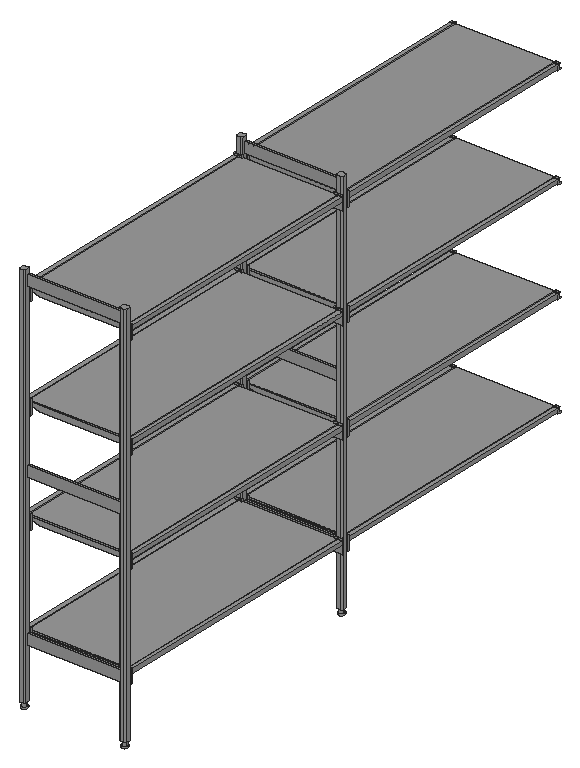
Revit family "QF_ZANUSSI_137086_CLS2372", category Attrezzature speciali, Revit 2020
Family settings
  Quota connettore circolare = Usa diametro
  Tipo di parte = Normale
  Basato su piano di lavoro = No
  Sempre verticale = Sì
  Taglio con vuoti quando caricato = No
  Condiviso = No
  Punto di calcolo locali = No
Parameters (values of type "Standard")
  Weight = 41.00 kg
  Watts = 0 W
  Volts = 0 V
  URL Manufacturer = "http://www.zanussiprofessional.com"
  URL = "http://www.zanussiprofessional.com"
  Steam Supply Size = 0 mm
  Steam Supply Minimum Pressure = 0.0 Pa
  Steam Supply Maximum Pressure = 0.0 Pa
  Steam Consumption per Hour = 0
  Refrigeration Suction Line Size = 0.0 mm
  Refrigeration Liquid Line Size = 0.0 mm
  Refrigerant Compressor Remote = yes
  Prospetto di default = 0.0 mm
  Phase = 0
  Modello = "CLS2372"
  Produttore = "Zanussi"
  Length Actual = 2376.0 mm  # constant formula
  Item Number = "137086"
  Hot Water Size = 0 mm
  Height Actual = 1700.0 mm  # constant formula
  HP = "0 HP"
  Gas Size = 0 mm
  Gas KW = 0
  Gas Input Pressure = 0 W
  Direct Waste Size = 0 mm
  Descrizione = "ALUM.CORNER SHELV.-POLY.TIERS-475X2376MM"
  Depth Actual = 475.0 mm  # constant formula
  Cycle = 0 Hz
  Condensate Return Size = 0 mm
  Compressed Air Volume = 0.0 L/s
  Compressed Air Size = 0 mm
  Compressed Air Pressure = 0.0 Pa
  Cold Water Size = 0 mm
  Accessory = yes
Reference planes
  plane 1: z = 0
  plane 2 "CenterLeft": y = -535.5
  plane 3 "FRONT": y = -921.5
  plane 4 "LEFT": x = 192.5
  plane 5 "RIGHT": x = 667.5
  plane 6 "TOP": z = 1700
  plane 7: y = -889.5
  plane 8: y = 262.5
  plane 9 "Center (Left/Back)": x = 430
  plane 10: x = 256
  plane 11: x = 668
  plane 12 "FEET": z = 25
  plane 13: z = 275
  plane 14: z = 725
  plane 15: z = 1175
  plane 16: z = 1625
  plane 17 "CXLeft": y = -907.5
  plane 18 "Center (Front/Back)": y = 280.5
  plane 19 "CYFront": x = 510
  plane 20: y = 1450.5
  plane 21: y = 298.5
  plane 22 "BACK": y = 1454.5
  plane 23 "LEFT_ORIGIN": x = 158.5
  plane 24 "BACK_ORIGIN": y = 1929.5
Forms (mm)
  Extrusion 1, solid, material "QF_Aluminum"
    sketch origin (38.022, -921.5, -4.006) x (-1, 0, 0) y (0, 0, 1)
      loop
        line (-189.5, 1637.003) -> (-173.5, 1637.003) -> (-173.5, 1655) -> (-175.493, 1655) -> (-175.493, 1648.501) -> (-608.5, 1648.501) -> (-608.5, 1655) -> (-610.5, 1655) -> (-610.5, 1637.003) -> (-594.5, 1637.003) -> (-560.5, 1625) -> (-223.5, 1625) -> (-189.5, 1637.003)
      loop
        line (-189.5, 1187.003) -> (-173.5, 1187.003) -> (-173.5, 1205) -> (-175.493, 1205) -> (-175.493, 1198.501) -> (-608.5, 1198.501) -> (-608.5, 1205) -> (-610.5, 1205) -> (-610.5, 1187.003) -> (-594.5, 1187.003) -> (-560.5, 1175) -> (-223.5, 1175) -> (-189.5, 1187.003)
      loop
        line (-189.5, 737.003) -> (-173.5, 737.003) -> (-173.5, 755) -> (-175.493, 755) -> (-175.493, 748.501) -> (-608.5, 748.501) -> (-608.5, 755) -> (-610.5, 755) -> (-610.5, 737.003) -> (-594.5, 737.003) -> (-560.5, 725) -> (-223.5, 725) -> (-189.5, 737.003)
      loop
        line (-189.5, 287.003) -> (-173.5, 287.003) -> (-173.5, 305) -> (-175.493, 305) -> (-175.493, 298.501) -> (-608.5, 298.501) -> (-608.5, 305) -> (-610.5, 305) -> (-610.5, 287.003) -> (-594.5, 287.003) -> (-560.5, 275) -> (-223.5, 275) -> (-189.5, 287.003)
    from 37 to 32
  Extrusion 2, solid, material "QF_Aluminum"
    sketch origin (38.022, -921.5, 0) x (-1, 0, 0) y (0, 0, 1)
      loop
        line (-154.478, 246.005) -> (-154.478, 307.993) -> (-190.471, 307.993) -> (-190.471, 246.005) -> (-154.478, 246.005)
      loop
        line (-593.484, 246.005) -> (-593.484, 307.993) -> (-629.478, 307.993) -> (-629.478, 246.005) -> (-593.484, 246.005)
      loop
        line (-154.478, 696.005) -> (-154.478, 757.993) -> (-190.471, 757.993) -> (-190.471, 696.005) -> (-154.478, 696.005)
      loop
        line (-593.484, 696.005) -> (-593.484, 757.993) -> (-629.478, 757.993) -> (-629.478, 696.005) -> (-593.484, 696.005)
      loop
        line (-154.478, 1146.005) -> (-154.478, 1207.993) -> (-190.471, 1207.993) -> (-190.471, 1146.005) -> (-154.478, 1146.005)
      loop
        line (-593.484, 1146.005) -> (-593.484, 1207.993) -> (-629.478, 1207.993) -> (-629.478, 1146.005) -> (-593.484, 1146.005)
      loop
        line (-154.478, 1596.005) -> (-154.478, 1657.993) -> (-190.471, 1657.993) -> (-190.471, 1596.005) -> (-154.478, 1596.005)
      loop
        line (-593.484, 1596.005) -> (-593.484, 1657.993) -> (-629.478, 1657.993) -> (-629.478, 1596.005) -> (-593.484, 1596.005)
    from 28 to 32
  Extrusion 3, solid, material "QF_Aluminum"
    sketch origin (38.022, -921.5, 0) x (-1, 0, 0) y (0, 0, 1)
      loop
        line (-154.5, 1650.994) -> (-173.5, 1650.994) -> (-173.5, 1632.998) -> (-154.5, 1632.998) -> (-154.5, 1650.994)
      loop
        line (-154.5, 1200.994) -> (-173.5, 1200.994) -> (-173.5, 1182.998) -> (-154.5, 1182.998) -> (-154.5, 1200.994)
      loop
        line (-154.5, 750.994) -> (-173.5, 750.994) -> (-173.5, 732.998) -> (-154.5, 732.998) -> (-154.5, 750.994)
      loop
        line (-154.5, 300.994) -> (-173.5, 300.994) -> (-173.5, 282.998) -> (-154.5, 282.998) -> (-154.5, 300.994)
      loop
        line (-629.455, 1650.994) -> (-629.455, 1632.998) -> (-610.455, 1632.998) -> (-610.455, 1650.994) -> (-629.455, 1650.994)
      loop
        line (-629.455, 1200.994) -> (-629.455, 1182.998) -> (-610.455, 1182.998) -> (-610.455, 1200.994) -> (-629.455, 1200.994)
      loop
        line (-629.455, 750.994) -> (-629.455, 732.998) -> (-610.455, 732.998) -> (-610.455, 750.994) -> (-629.455, 750.994)
      loop
        line (-629.455, 300.994) -> (-629.455, 282.998) -> (-610.455, 282.998) -> (-610.455, 300.994) -> (-629.455, 300.994)
    from 32 to 1184
  Extrusion 4, solid, material "QF_Polyethylene"
    sketch origin (38.022, -921.5, 0) x (-1, 0, 0) y (0, 0, 1)
      loop
        line (-175.493, 1650.994) -> (-608.5, 1650.994) -> (-608.5, 1644.496) -> (-175.493, 1644.496) -> (-175.493, 1650.994)
      loop
        line (-175.493, 1200.994) -> (-608.5, 1200.994) -> (-608.5, 1194.496) -> (-175.493, 1194.496) -> (-175.493, 1200.994)
      loop
        line (-175.493, 750.994) -> (-608.5, 750.994) -> (-608.5, 744.496) -> (-175.493, 744.496) -> (-175.493, 750.994)
      loop
        line (-175.493, 300.994) -> (-608.5, 300.994) -> (-608.5, 294.496) -> (-175.493, 294.496) -> (-175.493, 300.994)
    from 32 to 1184
  Extrusion 5, solid, material "QF_Aluminum"
    sketch origin (38.022, 684.5, 0) x (-1, 0, 0) y (0, 0, 1)
      loop
        line (-154.5, 1650.994) -> (-173.5, 1650.994) -> (-173.5, 1632.998) -> (-154.5, 1632.998) -> (-154.5, 1650.994)
      loop
        line (-610.455, 1650.994) -> (-629.455, 1650.994) -> (-629.455, 1632.998) -> (-610.455, 1632.998) -> (-610.455, 1650.994)
      loop
        line (-154.5, 1200.994) -> (-173.5, 1200.994) -> (-173.5, 1182.998) -> (-154.5, 1182.998) -> (-154.5, 1200.994)
      loop
        line (-610.455, 1200.994) -> (-629.455, 1200.994) -> (-629.455, 1182.998) -> (-610.455, 1182.998) -> (-610.455, 1200.994)
      loop
        line (-154.5, 750.994) -> (-173.5, 750.994) -> (-173.5, 732.998) -> (-154.5, 732.998) -> (-154.5, 750.994)
      loop
        line (-610.455, 750.994) -> (-629.455, 750.994) -> (-629.455, 732.998) -> (-610.455, 732.998) -> (-610.455, 750.994)
      loop
        line (-154.5, 300.994) -> (-173.5, 300.994) -> (-173.5, 282.998) -> (-154.5, 282.998) -> (-154.5, 300.994)
      loop
        line (-610.455, 300.994) -> (-629.455, 300.994) -> (-629.455, 282.998) -> (-610.455, 282.998) -> (-610.455, 300.994)
    from 766 to -386
  Extrusion 6, solid, material "QF_Polyethylene"
    sketch origin (38.022, 684.5, 0) x (-1, 0, 0) y (0, 0, 1)
      loop
        line (-175.493, 1650.994) -> (-608.5, 1650.994) -> (-608.5, 1644.496) -> (-175.493, 1644.496) -> (-175.493, 1650.994)
      loop
        line (-175.493, 1200.994) -> (-608.5, 1200.994) -> (-608.5, 1194.496) -> (-175.493, 1194.496) -> (-175.493, 1200.994)
      loop
        line (-175.493, 750.994) -> (-608.5, 750.994) -> (-608.5, 744.496) -> (-175.493, 744.496) -> (-175.493, 750.994)
      loop
        line (-175.493, 300.994) -> (-608.5, 300.994) -> (-608.5, 294.496) -> (-175.493, 294.496) -> (-175.493, 300.994)
    from 766 to -386
Lines and regions (mm)
  symbolic lines
    curve 1: line (256, -912.5, 1700) -> (668, -912.5, 1700)
    curve 2: line (668, -902.5, 1700) -> (256, -902.5, 1700)
    curve 3: line (192.5, -893.5, 1700) -> (192.5, 266.5, 1700)
    curve 4: line (667.5, -889.5, 1700) -> (667.5, 262.5, 1700)
    curve 5: line (192.5, 294.5, 1700) -> (192.5, 1454.5, 1700)
    curve 6: line (667.5, 294.5, 1700) -> (667.5, 1454.5, 1700)
    curve 7: line (648.478, 262.5, 1700) -> (648.478, -889.5, 1700)
    curve 8: line (211.522, -889.5, 1700) -> (211.522, 262.5, 1700)
    curve 9: line (211.522, 298.5, 1700) -> (211.522, 1450.5, 1700)
    curve 10: line (648.478, 1450.5, 1700) -> (648.478, 298.5, 1700)
Dimensions and locks
  plane 3 "FRONT" to plane 2 "CenterLeft" = 386.0 mm
  locked: plane 6 "TOP" to level at 1700
  locked: plane 7 to plane 8 at 1152
  locked: plane 10 to plane 11 at 412
  plane 10 to plane 9 "Center (Left/Back)" to plane 11 = 174.0 mm, 238.0 mm
  equal spacing: plane 4 "LEFT", plane 9 "Center (Left/Back)", plane 5 "RIGHT"
  plane 12 "FEET" to level = 25.0 mm
  plane 6 "TOP" to plane 12 "FEET" = 1675.0 mm
  plane 13 to plane 12 "FEET" = 250.0 mm
  plane 14 to plane 13 = 450.0 mm
  plane 15 to plane 14 = 450.0 mm
  plane 16 to plane 15 = 450.0 mm
  locked: plane 21 to plane 20 at 1152
  locked: plane 8 to plane 18 "Center (Front/Back)" at 18
  locked: plane 18 "Center (Front/Back)" to plane 21 at 18
  locked: plane 3 "FRONT" to plane 7 at 32
  locked: plane 4 "LEFT" to plane 5 "RIGHT" at 475
  locked: plane 23 "LEFT_ORIGIN" to plane 5 "RIGHT" at 509
  locked: plane 22 "BACK" to plane 24 "BACK_ORIGIN" at 475
  locked: plane 22 "BACK" to plane 3 "FRONT" at 2376
  aligned and locked: level to plane 1
  aligned and locked: Extrusion 1 to plane 7
  aligned and locked: plane 7 to Extrusion 2
  aligned and locked: Extrusion 4 to plane 7
  aligned and locked: plane 8 to Extrusion 4
  aligned and locked: Extrusion 3 to plane 7
  aligned and locked: plane 8 to Extrusion 3
  aligned and locked: Extrusion 1 sketch curve to Extrusion 1 sketch curve  (x3)
  aligned and locked: Extrusion 5 sketch curve to Extrusion 5 sketch curve  (x2)
  aligned and locked: Extrusion 5 to plane 21  (x5)
  aligned and locked: Extrusion 6 to plane 21  (x5)
  aligned and locked: nested 2 to plane 18 "Center (Front/Back)"
  aligned and locked: plane 17 "CXLeft" to nested 1
  aligned and locked: plane 7 to Extrusion 3  (x3)
  aligned and locked: Extrusion 3 to plane 8  (x4)
  aligned and locked: Extrusion 4 to plane 8  (x4)
  aligned and locked: plane 20 to Extrusion 5
  aligned and locked: plane 20 to Extrusion 6
  aligned and locked: Extrusion 5 to plane 20  (x3)
  aligned and locked: Extrusion 6 to plane 20  (x3)
  aligned and locked: plane 9 "Center (Left/Back)" to nested 2
  aligned and locked: nested 3 to plane 22 "BACK"
Automatic sketch dimensions
  Extrusion 1 sketch curve to plane 19 "CYFront" = 138.522 mm  (x4)
  plane 11 to Extrusion 1 sketch curve = 35.478 mm  (x4)
  Extrusion 1 sketch curve to plane 13 = 4.006 mm
  Extrusion 1 sketch curve to Extrusion 1 sketch curve = 34.0 mm  (x4)
  Extrusion 1 sketch curve to plane 14 = 4.006 mm
  Extrusion 1 sketch curve to plane 15 = 4.006 mm
  Extrusion 1 sketch curve to plane 16 = 4.006 mm
  Extrusion 1 sketch curve to plane 10 = 5.522 mm  (x4)
  plane 10 to Extrusion 1 sketch curve = 28.478 mm  (x4)
  plane 13 to Extrusion 1 sketch curve = 7.998 mm  (x2)
  Extrusion 1 sketch curve to Extrusion 1 sketch curve = 11.498 mm  (x4)
  Extrusion 1 sketch curve to Extrusion 1 sketch curve = 6.499 mm  (x8)
  plane 14 to Extrusion 1 sketch curve = 7.998 mm  (x2)
  plane 15 to Extrusion 1 sketch curve = 7.998 mm  (x2)
  plane 16 to Extrusion 1 sketch curve = 7.998 mm  (x2)
  plane 5 "RIGHT" to Extrusion 2 sketch curve = 35.993 mm  (x4)
  Extrusion 2 sketch curve to plane 4 "LEFT" = 0.0 mm  (x4)
  plane 11 to Extrusion 2 sketch curve = 0.5 mm  (x4)
  plane 10 to Extrusion 2 sketch curve = 27.507 mm  (x4)
  Extrusion 2 sketch curve to plane 13 = 28.995 mm  (x2)
  plane 13 to Extrusion 2 sketch curve = 32.993 mm  (x2)
  Extrusion 2 sketch curve to plane 14 = 28.995 mm  (x2)
  plane 14 to Extrusion 2 sketch curve = 32.993 mm  (x2)
  Extrusion 2 sketch curve to plane 15 = 28.995 mm  (x2)
  plane 15 to Extrusion 2 sketch curve = 32.993 mm  (x2)
  Extrusion 2 sketch curve to plane 16 = 28.995 mm  (x2)
  plane 16 to Extrusion 2 sketch curve = 32.993 mm  (x2)
  plane 13 to Extrusion 4 sketch curve = 19.496 mm
  Extrusion 4 sketch curve to Extrusion 4 sketch curve = 6.499 mm  (x4)
  plane 14 to Extrusion 4 sketch curve = 19.496 mm
  plane 15 to Extrusion 4 sketch curve = 19.496 mm
  plane 16 to Extrusion 4 sketch curve = 19.496 mm
  plane 5 "RIGHT" to Extrusion 5 sketch curve = 0.022 mm  (x4)
  Extrusion 5 sketch curve to plane 4 "LEFT" = 19.022 mm  (x4)
  Extrusion 5 sketch curve to plane 19 "CYFront" = 138.478 mm  (x2)
  plane 13 to Extrusion 5 sketch curve = 7.998 mm  (x2)
  Extrusion 5 sketch curve to Extrusion 5 sketch curve = 17.997 mm  (x8)
  plane 14 to Extrusion 5 sketch curve = 7.998 mm  (x2)
  plane 15 to Extrusion 5 sketch curve = 7.998 mm  (x2)
  plane 16 to Extrusion 5 sketch curve = 7.998 mm  (x2)
  Extrusion 6 sketch curve to plane 19 "CYFront" = 136.522 mm  (x4)
  plane 13 to Extrusion 6 sketch curve = 19.496 mm
  Extrusion 6 sketch curve to Extrusion 6 sketch curve = 6.499 mm  (x4)
  plane 14 to Extrusion 6 sketch curve = 19.496 mm
  plane 15 to Extrusion 6 sketch curve = 19.496 mm
  plane 16 to Extrusion 6 sketch curve = 19.496 mm
  plane 5 "RIGHT" to Extrusion 3 sketch curve = 0.022 mm  (x4)
  Extrusion 3 sketch curve to Extrusion 3 sketch curve = 19.0 mm  (x4)
  plane 14 to Extrusion 3 sketch curve = 7.998 mm  (x2)
  plane 10 to Extrusion 3 sketch curve = 44.478 mm  (x4)
  Extrusion 3 sketch curve to plane 4 "LEFT" = 0.022 mm  (x4)
  plane 13 to Extrusion 3 sketch curve = 25.994 mm  (x2)
  plane 13 to Extrusion 3 sketch curve = 7.998 mm  (x2)
  Extrusion 3 sketch curve to Extrusion 3 sketch curve = 17.997 mm  (x6)
  plane 15 to Extrusion 3 sketch curve = 7.998 mm  (x2)
  plane 16 to Extrusion 3 sketch curve = 7.998 mm  (x2)
  plane 10 to Extrusion 1 sketch curve = 42.484 mm  (x4)
  plane 10 to Extrusion 1 sketch curve = 44.478 mm  (x2)
  Extrusion 1 sketch curve to Extrusion 1 sketch curve = 1.993 mm  (x2)
  plane 10 to Extrusion 4 sketch curve = 42.484 mm  (x4)
  Extrusion 5 sketch curve to plane 4 "LEFT" = 0.022 mm  (x4)
  plane 10 to Extrusion 6 sketch curve = 42.484 mm  (x4)
  Extrusion 1 sketch curve to Extrusion 1 sketch curve = 2.0 mm
  plane 5 "RIGHT" to Extrusion 4 sketch curve = 20.978 mm  (x4)
  curve 1 to plane 11 = 0.0 mm
  curve 1 to plane 10 = 0.0 mm
  curve 2 to plane 10 = 0.0 mm
  curve 2 to plane 11 = 0.0 mm
  curve 3 to plane 4 "LEFT" = 0.0 mm
  curve 4 to plane 5 "RIGHT" = 0.0 mm
  plane 7 to curve 4 = 0.0 mm
  plane 7 to curve 8 = 0.0 mm
  plane 8 to curve 8 = 0.0 mm
  plane 8 to curve 7 = 0.0 mm
  plane 8 to curve 4 = 0.0 mm
  curve 5 to plane 4 "LEFT" = 0.0 mm
  curve 6 to plane 5 "RIGHT" = 0.0 mm
  plane 20 to curve 9 = 0.0 mm
  plane 22 "BACK" to curve 5 = 0.0 mm
  plane 22 "BACK" to curve 6 = 0.0 mm
  plane 7 to curve 3 = 4.0 mm
  plane 17 "CXLeft" to curve 2 = 5.0 mm
  curve 1 to plane 17 "CXLeft" = 5.0 mm
  curve 3 to plane 8 = 4.0 mm
  curve 6 to plane 21 = 4.0 mm
  curve 9 to plane 4 "LEFT" = 19.022 mm
  curve 8 to plane 4 "LEFT" = 19.022 mm
  curve 9 to plane 21 = 0.0 mm
  plane 21 to curve 10 = 0.0 mm
  curve 5 to plane 21 = 4.0 mm
  plane 7 to curve 7 = 0.0 mm
  curve 4 to curve 7 = 19.022 mm
  plane 20 to curve 10 = 0.0 mm
  plane 5 "RIGHT" to curve 10 = 19.022 mm
Nested families
  nested 1: "WT_Anta475" at (215.5, -504.5, 0) x (0, 1, 0) z (0, 0, 1), type "WT_Anta475"
  nested 2: "WT_Anta475Center" at (215.5, 683.5, 0) x (0, 1, 0) z (0, 0, 1), type "WT_Anta475Center"
  nested 3: "WT_Aggancio475" at (215.5, 1862.5, 0) x (0, 1, 0) z (0, 0, 1), type "WT_Aggancio475"
Definition of nested family "WT_Anta475"
  Parameters
    WidthLeft = A + 64.0 mm  # 772.0 mm
    Width = 1606.0 mm
    Right = WidthLeft / 2  # 386.0 mm
    Default Elevation = 0.0 mm
    Left = -WidthLeft / 2  # -386.0 mm
    Height = 1725.0 mm
    FEET = 25.0 mm
    E = 0.0 mm
    Dint = Depth - 63.0 mm  # 412.0 mm
    Dext = Depth - 8.0 mm  # 467.0 mm
    Depth = 475.0 mm
    DX = (WidthLeft - A) / 2  # 32.0 mm
    B = 798.0 mm
    A = 708.0 mm
  Reference planes
    plane 1: z = 0
    plane 2 "LEFT": x = -417
    plane 3 "BACK": y = 23
    plane 4 "FRONT": y = -452
    plane 5 "TOP": z = 1725
    plane 6 "Center (Front/Back)": y = -214.5
    plane 7: y = -8.5
    plane 8: y = -420.5
    plane 9 "FEET": z = 25
    plane 10: z = 275
    plane 11: z = 725
    plane 12: z = 1175
    plane 13: z = 1625
    plane 14 "CXLeft": x = -403
    plane 15: y = 5.5
    plane 16 "CYBack": y = 5.5
    plane 17 "CYFront": y = -434.5
    plane 18: x = -385.031
    plane 19: x = -380.031
  Forms (mm)
    Extrusion 1, solid
      sketch origin (0, 0, 0) x (1, 0, 0) y (0, 1, 0)
        loop
          line (-417, 13.246) -> (-417, -2.246) -> (-410.746, -8.5) -> (-395.254, -8.5) -> (-389, -2.246) -> (-389, 13.246) -> (-395.254, 19.5) -> (-410.746, 19.5) -> (-417, 13.246)
      from 1725 to 25
    Extrusion 2, solid
      sketch origin (-417, 0, 0) x (0, 1, 0) y (0, 0, 1)
        loop
          line (23, 246.005) -> (23, 307.993) -> (-12.993, 307.993) -> (-12.993, 246.005) -> (23, 246.005)
        loop
          line (-452, 246.005) -> (-416.007, 246.005) -> (-416.007, 307.993) -> (-452, 307.993) -> (-452, 246.005)
        loop
          line (23, 696.005) -> (23, 757.993) -> (-12.993, 757.993) -> (-12.993, 696.005) -> (23, 696.005)
        loop
          line (-452, 696.005) -> (-416.007, 696.005) -> (-416.007, 757.993) -> (-452, 757.993) -> (-452, 696.005)
        loop
          line (23, 1146.005) -> (23, 1207.993) -> (-12.993, 1207.993) -> (-12.993, 1146.005) -> (23, 1146.005)
        loop
          line (-452, 1146.005) -> (-416.007, 1146.005) -> (-416.007, 1207.993) -> (-452, 1207.993) -> (-452, 1146.005)
        loop
          line (23, 1596.005) -> (23, 1657.993) -> (-12.993, 1657.993) -> (-12.993, 1596.005) -> (23, 1596.005)
        loop
          line (-452, 1596.005) -> (-416.007, 1596.005) -> (-416.007, 1657.993) -> (-452, 1657.993) -> (-452, 1596.005)
      from 28 to 32
    Revolve 3, solid
      sketch origin (-403, 0, 0) x (0, 1, 0) y (0, 0, 1)
        loop
          line (5.5, 25) -> (5.5, 0) -> (19, 0) -> (19, 5) -> (14, 5) -> (14, 25) -> (5.5, 25)
        axis (5.5, 25) -> (5.5, 0)
      angle from 0 to 360
    Extrusion 4, solid
      sketch origin (-403, 0, 0) x (0, 1, 0) y (0, 0, 1)
        loop
          line (-8.5, 912.382) -> (-8.5, 957.374) -> (-420.5, 957.374) -> (-420.5, 912.382) -> (-8.5, 912.382)
        loop
          line (-8.5, 1662.244) -> (-8.5, 1707.236) -> (-420.5, 1707.236) -> (-420.5, 1662.244) -> (-8.5, 1662.244)
      from -5 to 5
    Revolve 5, solid
      sketch origin (-403, -627, 0) x (0, -1, 0) y (0, 0, 1)
        loop
          line (-192.5, 25) -> (-192.5, 0) -> (-179, 0) -> (-179, 5) -> (-184, 5) -> (-184, 25) -> (-192.5, 25)
        axis (-192.5, 25) -> (-192.5, 0)
      angle from 0 to 360
    Extrusion 6, solid
      sketch origin (0, -627, 0) x (1, 0, 0) y (0, 1, 0)
        loop
          line (-417, 184.754) -> (-410.746, 178.5) -> (-395.254, 178.5) -> (-389, 184.754) -> (-389, 200.246) -> (-395.254, 206.5) -> (-410.746, 206.5) -> (-417, 200.246) -> (-417, 184.754)
      from 1725 to 25
    Extrusion 7, solid
      sketch origin (-417.031, -0.022, 0) x (0, 1, 0) y (0, 0, -1)
        loop
          line (-12, -1632.998) -> (-46, -1620.994) -> (-383, -1620.994) -> (-417, -1632.998) -> (-433, -1632.998) -> (-433, -1650.994) -> (-431, -1650.994) -> (-431, -1644.496) -> (2.007, -1644.496) -> (2.007, -1650.994) -> (4, -1650.994) -> (4, -1632.998) -> (-12, -1632.998)
        loop
          line (-12, -1182.998) -> (-46, -1170.994) -> (-383, -1170.994) -> (-417, -1182.998) -> (-433, -1182.998) -> (-433, -1200.994) -> (-431, -1200.994) -> (-431, -1194.496) -> (2.007, -1194.496) -> (2.007, -1200.994) -> (4, -1200.994) -> (4, -1182.998) -> (-12, -1182.998)
        loop
          line (-12, -732.998) -> (-46, -720.994) -> (-383, -720.994) -> (-417, -732.998) -> (-433, -732.998) -> (-433, -750.994) -> (-431, -750.994) -> (-431, -744.496) -> (2.007, -744.496) -> (2.007, -750.994) -> (4, -750.994) -> (4, -732.998) -> (-12, -732.998)
        loop
          line (-12, -282.998) -> (-46, -270.994) -> (-383, -270.994) -> (-417, -282.998) -> (-433, -282.998) -> (-433, -300.994) -> (-431, -300.994) -> (-431, -294.496) -> (2.007, -294.496) -> (2.007, -300.994) -> (4, -300.994) -> (4, -282.998) -> (-12, -282.998)
      from -32 to -37
    Extrusion 8, solid
      sketch origin (-403, 0, -659.878) x (0, 1, 0) y (0, 0, 1)
        loop
          line (-8.5, 912.382) -> (-8.5, 957.374) -> (-420.5, 957.374) -> (-420.5, 912.382) -> (-8.5, 912.382)
        loop
          line (-8.5, 1572.382) -> (-8.5, 1617.374) -> (-420.5, 1617.374) -> (-420.5, 1572.382) -> (-8.5, 1572.382)
        loop
          line (-8.5, 2322.382) -> (-8.5, 2367.374) -> (-420.5, 2367.374) -> (-420.5, 2322.382) -> (-8.5, 2322.382)
      from -5 to 5
  Lines and regions (mm)
    symbolic lines
      curve 1: line (-408, -8.5, 1725) -> (-408, -420.5, 1725)
      curve 2: line (-398, -420.5, 1725) -> (-398, -8.5, 1725)
      curve 3: line (-395.254, -8.5, 1725) -> (-410.746, -8.5, 1725)
      curve 4: line (-417, -2.246, 1725) -> (-410.746, -8.5, 1725)
      curve 5: line (-417, 13.246, 1725) -> (-417, -2.246, 1725)
      curve 6: line (-410.746, 19.5, 1725) -> (-417, 13.246, 1725)
      curve 7: line (-395.254, 19.5, 1725) -> (-410.746, 19.5, 1725)
      curve 8: line (-389, 13.246, 1725) -> (-395.254, 19.5, 1725)
      curve 9: line (-395.254, -8.5, 1725) -> (-389, -2.246, 1725)
      curve 10: line (-395.254, -420.5, 1725) -> (-410.746, -420.5, 1725)
      curve 11: line (-417, -426.754, 1725) -> (-410.746, -420.5, 1725)
      curve 12: line (-410.746, -448.5, 1725) -> (-417, -442.246, 1725)
      curve 13: line (-395.254, -448.5, 1725) -> (-410.746, -448.5, 1725)
      curve 14: line (-389, -442.246, 1725) -> (-395.254, -448.5, 1725)
      curve 15: line (-395.254, -420.5, 1725) -> (-389, -426.754, 1725)
      curve 16: line (-389, -452, 1725) -> (-389, -416.007, 1725)
      curve 17: line (-389, -416.007, 1725) -> (-385, -416.007, 1725)
      curve 18: line (-389, 23, 1725) -> (-389, -12.993, 1725)
      curve 19: line (-389, -12.993, 1725) -> (-385, -12.993, 1725)
      curve 20: line (-417, -426.754, 1725) -> (-417, -442.246, 1725)
      curve 21: line (-385, -452, 1725) -> (-385, -416.007, 1725)
      curve 22: line (-385, -452, 1725) -> (-389, -452, 1725)
      curve 23: line (-385, 23, 1725) -> (-389, 23, 1725)
      curve 24: line (-385, -12.993, 1725) -> (-385, 23, 1725)
      curve 25: line (-385.031, -13.016, 1725) -> (-385.031, -416.029, 1725)
  Dimensions and locks
    "Height": plane 5 "TOP" to level
    "Depth": plane 3 "BACK" to plane 4 "FRONT"
    "Dint": plane 7 to plane 8
    equal spacing: plane 7, plane 6 "Center (Front/Back)", plane 8
    equal spacing: plane 3 "BACK", plane 6 "Center (Front/Back)", plane 4 "FRONT"
    plane 9 "FEET" to level = 25.0 mm
    plane 5 "TOP" to plane 9 "FEET" = 1700.0 mm
    plane 10 to plane 9 "FEET" = 250.0 mm
    plane 11 to plane 10 = 450.0 mm
    plane 12 to plane 11 = 450.0 mm
    plane 13 to plane 12 = 450.0 mm
    locked: plane 2 "LEFT" to plane 14 "CXLeft" at 14
    locked: plane 3 "BACK" to plane 16 "CYBack" at 17.5
    locked: plane 17 "CYFront" to plane 4 "FRONT" at 17.5
    locked: Revolve 3 sketch curve to Revolve 3 sketch curve at 8.5
    locked: Revolve 3 sketch curve to plane 16 "CYBack" at 13.5
    locked: Revolve 5 sketch curve to Revolve 5 sketch curve at 8.5
    aligned and locked: level to plane 1
    aligned and locked: curve 20 to Extrusion 6
    aligned and locked: plane 5 "TOP" to Extrusion 1
    aligned and locked: plane 5 "TOP" to Extrusion 6
    aligned and locked: Extrusion 7 sketch curve to Extrusion 7 sketch curve  (x3)
  Automatic sketch dimensions
    curve 16 to plane 4 "FRONT" = 0.0 mm
    curve 11 to plane 8 = 0.0 mm
    curve 9 to plane 7 = 0.0 mm
    curve 5 to plane 2 "LEFT" = 0.0 mm
    curve 23 to plane 3 "BACK" = 0.0 mm
    plane 4 "FRONT" to curve 13 = 3.5 mm
    curve 20 to plane 17 "CYFront" = 7.746 mm
    curve 20 to plane 8 = 6.254 mm
    plane 8 to curve 16 = 4.493 mm
    curve 24 to plane 18 = 0.031 mm
    curve 24 to plane 7 = 4.493 mm
    plane 7 to curve 5 = 6.254 mm
    curve 5 to plane 15 = 7.746 mm
    curve 6 to plane 3 "BACK" = 3.5 mm
    curve 21 to plane 18 = 0.031 mm
    plane 18 to curve 23 = 3.969 mm
    plane 18 to curve 16 = 3.969 mm
    curve 18 to curve 8 = 6.254 mm
    curve 18 to curve 3 = 6.254 mm
    curve 16 to curve 13 = 6.254 mm
    curve 16 to curve 15 = 6.254 mm
    plane 2 "LEFT" to curve 10 = 6.254 mm
    plane 2 "LEFT" to curve 7 = 6.254 mm
    plane 2 "LEFT" to curve 12 = 6.254 mm
    plane 2 "LEFT" to curve 3 = 6.254 mm
    curve 14 to plane 17 "CYFront" = 7.746 mm
    curve 15 to plane 8 = 6.254 mm
    plane 7 to curve 9 = 6.254 mm
    curve 8 to plane 15 = 7.746 mm
    curve 3 to curve 2 = 2.746 mm
    curve 1 to curve 10 = 2.746 mm
    Extrusion 1 sketch curve to plane 2 "LEFT" = 0.0 mm
    Extrusion 1 sketch curve to plane 7 = 0.0 mm
    plane 2 "LEFT" to Extrusion 1 sketch curve = 6.254 mm  (x2)
    plane 14 "CXLeft" to Extrusion 1 sketch curve = 7.746 mm  (x2)
    Extrusion 1 sketch curve to plane 3 "BACK" = 3.5 mm
    plane 18 to Extrusion 1 sketch curve = 3.969 mm
    plane 7 to Extrusion 1 sketch curve = 6.254 mm  (x2)
    Extrusion 1 sketch curve to plane 15 = 7.746 mm  (x2)
    Extrusion 2 sketch curve to plane 4 "FRONT" = 0.0 mm  (x4)
    Extrusion 2 sketch curve to plane 3 "BACK" = 0.0 mm  (x4)
    plane 8 to Extrusion 2 sketch curve = 4.493 mm  (x4)
    Extrusion 2 sketch curve to plane 7 = 4.493 mm  (x4)
    Extrusion 2 sketch curve to plane 10 = 28.995 mm  (x2)
    plane 10 to Extrusion 2 sketch curve = 32.993 mm  (x2)
    Extrusion 2 sketch curve to plane 11 = 28.995 mm  (x2)
    plane 11 to Extrusion 2 sketch curve = 32.993 mm  (x2)
    Extrusion 2 sketch curve to plane 12 = 28.995 mm  (x2)
    plane 12 to Extrusion 2 sketch curve = 32.993 mm  (x2)
    Extrusion 2 sketch curve to plane 13 = 28.995 mm  (x2)
    plane 13 to Extrusion 2 sketch curve = 32.993 mm  (x2)
    Revolve 3 sketch curve to plane 9 "FEET" = 0.0 mm  (x2)
    Revolve 3 sketch curve to plane 15 = 0.0 mm  (x2)
    Revolve 3 sketch curve to level = 0.0 mm
    level to Revolve 3 sketch curve = 5.0 mm
    Revolve 3 sketch curve to Revolve 3 sketch curve = 11.655 mm
    Extrusion 4 sketch curve to plane 8 = 0.0 mm  (x2)
    Extrusion 4 sketch curve to plane 7 = 0.0 mm  (x2)
    plane 11 to Extrusion 4 sketch curve = 187.382 mm
    Extrusion 4 sketch curve to Extrusion 4 sketch curve = 44.992 mm
    plane 13 to Extrusion 4 sketch curve = 37.244 mm
    Extrusion 4 sketch curve to plane 5 "TOP" = 17.764 mm
    Revolve 5 sketch curve to plane 9 "FEET" = 0.0 mm  (x2)
    Revolve 5 sketch curve to plane 17 "CYFront" = 0.0 mm  (x2)
    Revolve 5 sketch curve to level = 0.0 mm
    Revolve 5 sketch curve to plane 4 "FRONT" = 4.0 mm
    Revolve 5 sketch curve to Revolve 5 sketch curve = 5.0 mm
    level to Revolve 5 sketch curve = 11.655 mm
    Extrusion 6 sketch curve to plane 2 "LEFT" = 0.0 mm
    Extrusion 6 sketch curve to plane 8 = 0.0 mm
    Extrusion 6 sketch curve to plane 2 "LEFT" = 6.254 mm  (x2)
    Extrusion 6 sketch curve to plane 14 "CXLeft" = 7.746 mm  (x2)
    Extrusion 6 sketch curve to plane 4 "FRONT" = 3.5 mm
    Extrusion 6 sketch curve to plane 18 = 3.969 mm
    plane 8 to Extrusion 6 sketch curve = 6.254 mm  (x2)
    plane 17 "CYFront" to Extrusion 6 sketch curve = 7.746 mm  (x2)
    plane 17 "CYFront" to Extrusion 7 sketch curve = 1.478 mm  (x4)
    Extrusion 7 sketch curve to Extrusion 7 sketch curve = 2.0 mm
    plane 8 to Extrusion 7 sketch curve = 3.478 mm  (x4)
    Extrusion 7 sketch curve to plane 10 = 4.006 mm
    Extrusion 7 sketch curve to Extrusion 7 sketch curve = 34.0 mm  (x4)
    Extrusion 7 sketch curve to plane 11 = 4.006 mm
    Extrusion 7 sketch curve to plane 12 = 4.006 mm
    Extrusion 7 sketch curve to plane 13 = 4.006 mm
    Extrusion 7 sketch curve to plane 7 = 37.522 mm  (x4)
    Extrusion 7 sketch curve to plane 7 = 3.522 mm  (x4)
    plane 15 to Extrusion 7 sketch curve = 3.516 mm  (x4)
    plane 15 to Extrusion 7 sketch curve = 1.522 mm  (x4)
    plane 13 to Extrusion 7 sketch curve = 7.998 mm  (x2)
    Extrusion 7 sketch curve to Extrusion 7 sketch curve = 11.498 mm
    Extrusion 7 sketch curve to Extrusion 7 sketch curve = 6.499 mm  (x5)
    plane 12 to Extrusion 7 sketch curve = 25.994 mm  (x2)
    plane 12 to Extrusion 7 sketch curve = 7.998 mm  (x2)
    plane 11 to Extrusion 7 sketch curve = 25.994 mm  (x2)
    plane 11 to Extrusion 7 sketch curve = 7.998 mm  (x2)
    plane 10 to Extrusion 7 sketch curve = 25.994 mm  (x2)
    plane 10 to Extrusion 7 sketch curve = 7.998 mm  (x2)
    curve 25 to plane 18 = 0.0 mm
    plane 8 to curve 25 = 4.471 mm
    curve 25 to plane 7 = 4.516 mm
    Extrusion 8 sketch curve to plane 8 = 0.0 mm  (x3)
    Extrusion 8 sketch curve to plane 7 = 0.0 mm  (x3)
    Extrusion 8 sketch curve to plane 10 = 22.496 mm
    plane 10 to Extrusion 8 sketch curve = 22.496 mm
    plane 11 to Extrusion 8 sketch curve = 187.504 mm
    Extrusion 8 sketch curve to Extrusion 8 sketch curve = 44.992 mm
    plane 13 to Extrusion 8 sketch curve = 37.504 mm
    Extrusion 8 sketch curve to plane 5 "TOP" = 17.504 mm
Definition of nested family "WT_Anta475Center"
  Parameters
    WidthLeft = A + 64.0 mm  # 772.0 mm
    Width = 1606.0 mm
    Right = WidthLeft / 2  # 386.0 mm
    Default Elevation = 0.0 mm
    Left = -WidthLeft / 2  # -386.0 mm
    Height = 1725.0 mm
    FEET = 25.0 mm
    E = 0.0 mm
    Dint = Depth - 63.0 mm  # 412.0 mm
    Dext = Depth - 8.0 mm  # 467.0 mm
    Depth = 475.0 mm
    DX = (WidthLeft - A) / 2  # 32.0 mm
    B = 798.0 mm
    A = 708.0 mm
  Reference planes
    plane 1: z = 0
    plane 2 "L": x = -417
    plane 3 "BACK": y = 23
    plane 4 "FRONT": y = -452
    plane 5 "TOP": z = 1725
    plane 6 "Center (Front/Back)": y = -214.5
    plane 7: y = -8.5
    plane 8: y = -420.5
    plane 9 "FEET": z = 25
    plane 10: z = 275
    plane 11: z = 725
    plane 12: z = 1175
    plane 13: z = 1625
    plane 14 "CXLeft": x = -403
    plane 15: y = 5.5
    plane 16 "CYBack": y = 5.5
    plane 17 "CYFront": y = -434.5
    plane 18: x = -385.031
    plane 19 "RIGHT": x = -380.031
    plane 20: x = -420.969
    plane 21 "LEFT": x = -425.969
  Forms (mm)
    Extrusion 1, solid
      sketch origin (0, 0, 0) x (1, 0, 0) y (0, 1, 0)
        loop
          line (-417, 13.246) -> (-417, -2.246) -> (-410.746, -8.5) -> (-395.254, -8.5) -> (-389, -2.246) -> (-389, 13.246) -> (-395.254, 19.5) -> (-410.746, 19.5) -> (-417, 13.246)
      from 1725 to 25
    Extrusion 2, solid
      sketch origin (-417, 0, 0) x (0, 1, 0) y (0, 0, 1)
        loop
          line (23, 246.005) -> (23, 307.993) -> (-12.993, 307.993) -> (-12.993, 246.005) -> (23, 246.005)
        loop
          line (-452, 246.005) -> (-416.007, 246.005) -> (-416.007, 307.993) -> (-452, 307.993) -> (-452, 246.005)
        loop
          line (23, 696.005) -> (23, 757.993) -> (-12.993, 757.993) -> (-12.993, 696.005) -> (23, 696.005)
        loop
          line (-452, 696.005) -> (-416.007, 696.005) -> (-416.007, 757.993) -> (-452, 757.993) -> (-452, 696.005)
        loop
          line (23, 1146.005) -> (23, 1207.993) -> (-12.993, 1207.993) -> (-12.993, 1146.005) -> (23, 1146.005)
        loop
          line (-452, 1146.005) -> (-416.007, 1146.005) -> (-416.007, 1207.993) -> (-452, 1207.993) -> (-452, 1146.005)
        loop
          line (23, 1596.005) -> (23, 1657.993) -> (-12.993, 1657.993) -> (-12.993, 1596.005) -> (23, 1596.005)
        loop
          line (-452, 1596.005) -> (-416.007, 1596.005) -> (-416.007, 1657.993) -> (-452, 1657.993) -> (-452, 1596.005)
      from 28 to 32
    Revolve 3, solid
      sketch origin (-403, 0, 0) x (0, 1, 0) y (0, 0, 1)
        loop
          line (5.5, 25) -> (5.5, 0) -> (19, 0) -> (19, 5) -> (14, 5) -> (14, 25) -> (5.5, 25)
        axis (5.5, 25) -> (5.5, 0)
      angle from 0 to 360
    Extrusion 4, solid
      sketch origin (-403, 0, 0) x (0, 1, 0) y (0, 0, 1)
        loop
          line (-8.5, 912.382) -> (-8.5, 957.374) -> (-420.5, 957.374) -> (-420.5, 912.382) -> (-8.5, 912.382)
        loop
          line (-8.5, 1662.244) -> (-8.5, 1707.236) -> (-420.5, 1707.236) -> (-420.5, 1662.244) -> (-8.5, 1662.244)
      from -5 to 5
    Revolve 5, solid
      sketch origin (-403, -627, 0) x (0, -1, 0) y (0, 0, 1)
        loop
          line (-192.5, 25) -> (-192.5, 0) -> (-179, 0) -> (-179, 5) -> (-184, 5) -> (-184, 25) -> (-192.5, 25)
        axis (-192.5, 25) -> (-192.5, 0)
      angle from 0 to 360
    Extrusion 6, solid
      sketch origin (0, -627, 0) x (1, 0, 0) y (0, 1, 0)
        loop
          line (-417, 184.754) -> (-410.746, 178.5) -> (-395.254, 178.5) -> (-389, 184.754) -> (-389, 200.246) -> (-395.254, 206.5) -> (-410.746, 206.5) -> (-417, 200.246) -> (-417, 184.754)
      from 1725 to 25
    Extrusion 7, solid
      sketch origin (-417.031, -0.022, 0) x (0, 1, 0) y (0, 0, -1)
        loop
          line (-12, -1632.998) -> (-46, -1620.994) -> (-383, -1620.994) -> (-417, -1632.998) -> (-433, -1632.998) -> (-433, -1650.994) -> (-431, -1650.994) -> (-431, -1644.496) -> (2.007, -1644.496) -> (2.007, -1650.994) -> (4, -1650.994) -> (4, -1632.998) -> (-12, -1632.998)
        loop
          line (-12, -1182.998) -> (-46, -1170.994) -> (-383, -1170.994) -> (-417, -1182.998) -> (-433, -1182.998) -> (-433, -1200.994) -> (-431, -1200.994) -> (-431, -1194.496) -> (2.007, -1194.496) -> (2.007, -1200.994) -> (4, -1200.994) -> (4, -1182.998) -> (-12, -1182.998)
        loop
          line (-12, -732.998) -> (-46, -720.994) -> (-383, -720.994) -> (-417, -732.998) -> (-433, -732.998) -> (-433, -750.994) -> (-431, -750.994) -> (-431, -744.496) -> (2.007, -744.496) -> (2.007, -750.994) -> (4, -750.994) -> (4, -732.998) -> (-12, -732.998)
        loop
          line (-12, -282.998) -> (-46, -270.994) -> (-383, -270.994) -> (-417, -282.998) -> (-433, -282.998) -> (-433, -300.994) -> (-431, -300.994) -> (-431, -294.496) -> (2.007, -294.496) -> (2.007, -300.994) -> (4, -300.994) -> (4, -282.998) -> (-12, -282.998)
      from -32 to -37
    Extrusion 8, solid
      sketch origin (-403, 0, -659.878) x (0, 1, 0) y (0, 0, 1)
        loop
          line (-8.5, 912.382) -> (-8.5, 957.374) -> (-420.5, 957.374) -> (-420.5, 912.382) -> (-8.5, 912.382)
        loop
          line (-8.5, 1572.382) -> (-8.5, 1617.374) -> (-420.5, 1617.374) -> (-420.5, 1572.382) -> (-8.5, 1572.382)
        loop
          line (-8.5, 2322.382) -> (-8.5, 2367.374) -> (-420.5, 2367.374) -> (-420.5, 2322.382) -> (-8.5, 2322.382)
      from -5 to 5
    Extrusion 9, solid
      sketch origin (-389, 0, 0) x (0, 1, 0) y (0, 0, -1)
        loop
          line (23, -246.005) -> (-12.993, -246.005) -> (-12.993, -307.993) -> (23, -307.993) -> (23, -246.005)
        loop
          line (-452, -246.005) -> (-452, -307.993) -> (-416.007, -307.993) -> (-416.007, -246.005) -> (-452, -246.005)
        loop
          line (23, -696.005) -> (-12.993, -696.005) -> (-12.993, -757.993) -> (23, -757.993) -> (23, -696.005)
        loop
          line (-452, -696.005) -> (-452, -757.993) -> (-416.007, -757.993) -> (-416.007, -696.005) -> (-452, -696.005)
        loop
          line (23, -1146.005) -> (-12.993, -1146.005) -> (-12.993, -1207.993) -> (23, -1207.993) -> (23, -1146.005)
        loop
          line (-452, -1146.005) -> (-452, -1207.993) -> (-416.007, -1207.993) -> (-416.007, -1146.005) -> (-452, -1146.005)
        loop
          line (23, -1596.005) -> (-12.993, -1596.005) -> (-12.993, -1657.993) -> (23, -1657.993) -> (23, -1596.005)
        loop
          line (-452, -1596.005) -> (-452, -1657.993) -> (-416.007, -1657.993) -> (-416.007, -1596.005) -> (-452, -1596.005)
      from 28 to 32
    Extrusion 10, solid
      sketch origin (-388.969, -0.022, 0) x (0, 1, 0) y (0, 0, 1)
        loop
          line (-12, 1632.998) -> (4, 1632.998) -> (4, 1650.994) -> (2.007, 1650.994) -> (2.007, 1644.496) -> (-431, 1644.496) -> (-431, 1650.994) -> (-433, 1650.994) -> (-433, 1632.998) -> (-417, 1632.998) -> (-383, 1620.994) -> (-46, 1620.994) -> (-12, 1632.998)
        loop
          line (-12, 1182.998) -> (4, 1182.998) -> (4, 1200.994) -> (2.007, 1200.994) -> (2.007, 1194.496) -> (-431, 1194.496) -> (-431, 1200.994) -> (-433, 1200.994) -> (-433, 1182.998) -> (-417, 1182.998) -> (-383, 1170.994) -> (-46, 1170.994) -> (-12, 1182.998)
        loop
          line (-12, 732.998) -> (4, 732.998) -> (4, 750.994) -> (2.007, 750.994) -> (2.007, 744.496) -> (-431, 744.496) -> (-431, 750.994) -> (-433, 750.994) -> (-433, 732.998) -> (-417, 732.998) -> (-383, 720.994) -> (-46, 720.994) -> (-12, 732.998)
        loop
          line (-12, 282.998) -> (4, 282.998) -> (4, 300.994) -> (2.007, 300.994) -> (2.007, 294.496) -> (-431, 294.496) -> (-431, 300.994) -> (-433, 300.994) -> (-433, 282.998) -> (-417, 282.998) -> (-383, 270.994) -> (-46, 270.994) -> (-12, 282.998)
      from -32 to -37
  Lines and regions (mm)
    symbolic lines
      curve 1: line (-408, -8.5, 1725) -> (-408, -420.5, 1725)
      curve 2: line (-398, -420.5, 1725) -> (-398, -8.5, 1725)
      curve 3: line (-395.254, -8.5, 1725) -> (-410.746, -8.5, 1725)
      curve 4: line (-417, -2.246, 1725) -> (-410.746, -8.5, 1725)
      curve 5: line (-410.746, 19.5, 1725) -> (-417, 13.246, 1725)
      curve 6: line (-395.254, 19.5, 1725) -> (-410.746, 19.5, 1725)
      curve 7: line (-389, 13.246, 1725) -> (-395.254, 19.5, 1725)
      curve 8: line (-395.254, -8.5, 1725) -> (-389, -2.246, 1725)
      curve 9: line (-395.254, -420.5, 1725) -> (-410.746, -420.5, 1725)
      curve 10: line (-417, -426.754, 1725) -> (-410.746, -420.5, 1725)
      curve 11: line (-410.746, -448.5, 1725) -> (-417, -442.246, 1725)
      curve 12: line (-395.254, -448.5, 1725) -> (-410.746, -448.5, 1725)
      curve 13: line (-389, -442.246, 1725) -> (-395.254, -448.5, 1725)
      curve 14: line (-395.254, -420.5, 1725) -> (-389, -426.754, 1725)
      curve 15: line (-389, -452, 1725) -> (-389, -416.007, 1725)
      curve 16: line (-389, -416.007, 1725) -> (-385, -416.007, 1725)
      curve 17: line (-389, 23, 1725) -> (-389, -12.993, 1725)
      curve 18: line (-389, -12.993, 1725) -> (-385, -12.993, 1725)
      curve 19: line (-385, -452, 1725) -> (-385, -416.007, 1725)
      curve 20: line (-385, -452, 1725) -> (-389, -452, 1725)
      curve 21: line (-385, 23, 1725) -> (-389, 23, 1725)
      curve 22: line (-385, -12.993, 1725) -> (-385, 23, 1725)
      curve 23: line (-385.031, -13.016, 1725) -> (-385.031, -416.029, 1725)
      curve 24: line (-417, -452, 1725) -> (-417, -416.007, 1725)
      curve 25: line (-417, -416.007, 1725) -> (-421, -416.007, 1725)
      curve 26: line (-417, 23, 1725) -> (-417, -12.993, 1725)
      curve 27: line (-417, -12.993, 1725) -> (-421, -12.993, 1725)
      curve 28: line (-421, -452, 1725) -> (-421, -416.007, 1725)
      curve 29: line (-421, -452, 1725) -> (-417, -452, 1725)
      curve 30: line (-421, 23, 1725) -> (-417, 23, 1725)
      curve 31: line (-421, -12.993, 1725) -> (-421, 23, 1725)
      curve 32: line (-420.969, -13.016, 1725) -> (-420.969, -416.029, 1725)
  Dimensions and locks
    "Height": plane 5 "TOP" to level
    "Depth": plane 3 "BACK" to plane 4 "FRONT"
    "Dint": plane 7 to plane 8
    equal spacing: plane 7, plane 6 "Center (Front/Back)", plane 8
    equal spacing: plane 3 "BACK", plane 6 "Center (Front/Back)", plane 4 "FRONT"
    plane 9 "FEET" to level = 25.0 mm
    plane 5 "TOP" to plane 9 "FEET" = 1700.0 mm
    plane 10 to plane 9 "FEET" = 250.0 mm
    plane 11 to plane 10 = 450.0 mm
    plane 12 to plane 11 = 450.0 mm
    plane 13 to plane 12 = 450.0 mm
    locked: plane 3 "BACK" to plane 16 "CYBack" at 17.5
    locked: plane 17 "CYFront" to plane 4 "FRONT" at 17.5
    locked: Revolve 3 sketch curve to Revolve 3 sketch curve at 8.5
    locked: Revolve 3 sketch curve to plane 16 "CYBack" at 13.5
    locked: Revolve 5 sketch curve to Revolve 5 sketch curve at 8.5
    aligned and locked: level to plane 1
    aligned and locked: plane 5 "TOP" to Extrusion 1
    aligned and locked: plane 5 "TOP" to Extrusion 6
    aligned and locked: Extrusion 7 sketch curve to Extrusion 7 sketch curve  (x3)
    aligned and locked: Extrusion 10 sketch curve to Extrusion 10 sketch curve  (x3)
  Automatic sketch dimensions
    curve 15 to plane 4 "FRONT" = 0.0 mm
    curve 28 to plane 4 "FRONT" = 0.0 mm
    curve 9 to plane 8 = 0.0 mm
    curve 25 to plane 2 "L" = 0.0 mm
    curve 8 to plane 7 = 0.0 mm
    curve 17 to plane 3 "BACK" = 0.0 mm
    curve 30 to plane 3 "BACK" = 0.0 mm
    plane 4 "FRONT" to curve 11 = 3.5 mm
    curve 19 to plane 18 = 0.031 mm
    plane 8 to curve 19 = 4.493 mm
    plane 8 to curve 25 = 4.493 mm
    curve 27 to plane 20 = 0.031 mm
    curve 27 to plane 7 = 4.493 mm
    curve 17 to plane 7 = 4.493 mm
    curve 5 to plane 15 = 7.746 mm
    curve 7 to plane 3 "BACK" = 3.5 mm
    curve 18 to plane 18 = 0.031 mm
    plane 18 to curve 21 = 3.969 mm
    plane 18 to curve 20 = 3.969 mm
    curve 15 to curve 9 = 6.254 mm
    curve 17 to curve 7 = 6.254 mm
    curve 17 to curve 3 = 6.254 mm
    curve 15 to curve 12 = 6.254 mm
    plane 2 "L" to curve 12 = 6.254 mm
    plane 2 "L" to curve 4 = 6.254 mm
    plane 2 "L" to curve 10 = 6.254 mm
    plane 2 "L" to curve 5 = 6.254 mm
    curve 28 to plane 20 = 0.031 mm
    curve 13 to plane 17 "CYFront" = 7.746 mm
    curve 14 to plane 8 = 6.254 mm
    plane 7 to curve 8 = 6.254 mm
    curve 7 to plane 15 = 7.746 mm
    curve 9 to curve 2 = 2.746 mm
    curve 1 to curve 9 = 2.746 mm
    Extrusion 1 sketch curve to plane 2 "L" = 0.0 mm
    Extrusion 1 sketch curve to plane 7 = 0.0 mm
    plane 2 "L" to Extrusion 1 sketch curve = 6.254 mm  (x2)
    plane 14 "CXLeft" to Extrusion 1 sketch curve = 7.746 mm  (x2)
    Extrusion 1 sketch curve to plane 3 "BACK" = 3.5 mm
    plane 18 to Extrusion 1 sketch curve = 3.969 mm
    plane 7 to Extrusion 1 sketch curve = 6.254 mm  (x2)
    Extrusion 1 sketch curve to plane 15 = 7.746 mm  (x2)
    Extrusion 2 sketch curve to plane 4 "FRONT" = 0.0 mm  (x4)
    Extrusion 2 sketch curve to plane 3 "BACK" = 0.0 mm  (x4)
    plane 8 to Extrusion 2 sketch curve = 4.493 mm  (x4)
    Extrusion 2 sketch curve to plane 7 = 4.493 mm  (x4)
    Extrusion 2 sketch curve to plane 10 = 28.995 mm  (x2)
    plane 10 to Extrusion 2 sketch curve = 32.993 mm  (x2)
    Extrusion 2 sketch curve to plane 11 = 28.995 mm  (x2)
    plane 11 to Extrusion 2 sketch curve = 32.993 mm  (x2)
    Extrusion 2 sketch curve to plane 12 = 28.995 mm  (x2)
    plane 12 to Extrusion 2 sketch curve = 32.993 mm  (x2)
    Extrusion 2 sketch curve to plane 13 = 28.995 mm  (x2)
    plane 13 to Extrusion 2 sketch curve = 32.993 mm  (x2)
    Revolve 3 sketch curve to plane 9 "FEET" = 0.0 mm  (x2)
    Revolve 3 sketch curve to plane 15 = 0.0 mm  (x2)
    Revolve 3 sketch curve to level = 0.0 mm
    level to Revolve 3 sketch curve = 5.0 mm
    Revolve 3 sketch curve to Revolve 3 sketch curve = 11.655 mm
    Extrusion 4 sketch curve to plane 8 = 0.0 mm  (x2)
    Extrusion 4 sketch curve to plane 7 = 0.0 mm  (x2)
    plane 11 to Extrusion 4 sketch curve = 187.382 mm
    Extrusion 4 sketch curve to Extrusion 4 sketch curve = 44.992 mm
    plane 13 to Extrusion 4 sketch curve = 37.244 mm
    Extrusion 4 sketch curve to plane 5 "TOP" = 17.764 mm
    Revolve 5 sketch curve to plane 9 "FEET" = 0.0 mm  (x2)
    Revolve 5 sketch curve to plane 17 "CYFront" = 0.0 mm  (x2)
    Revolve 5 sketch curve to level = 0.0 mm
    Revolve 5 sketch curve to plane 4 "FRONT" = 4.0 mm
    Revolve 5 sketch curve to Revolve 5 sketch curve = 5.0 mm
    level to Revolve 5 sketch curve = 11.655 mm
    Extrusion 6 sketch curve to plane 2 "L" = 0.0 mm
    Extrusion 6 sketch curve to plane 8 = 0.0 mm
    Extrusion 6 sketch curve to plane 2 "L" = 6.254 mm  (x2)
    Extrusion 6 sketch curve to plane 14 "CXLeft" = 7.746 mm  (x2)
    Extrusion 6 sketch curve to plane 4 "FRONT" = 3.5 mm
    Extrusion 6 sketch curve to plane 18 = 3.969 mm
    plane 8 to Extrusion 6 sketch curve = 6.254 mm  (x2)
    plane 17 "CYFront" to Extrusion 6 sketch curve = 7.746 mm  (x2)
    plane 17 "CYFront" to Extrusion 7 sketch curve = 1.478 mm  (x4)
    Extrusion 7 sketch curve to Extrusion 7 sketch curve = 2.0 mm
    plane 8 to Extrusion 7 sketch curve = 3.478 mm  (x4)
    Extrusion 7 sketch curve to plane 10 = 4.006 mm
    Extrusion 7 sketch curve to Extrusion 7 sketch curve = 34.0 mm  (x4)
    Extrusion 7 sketch curve to plane 11 = 4.006 mm
    Extrusion 7 sketch curve to plane 12 = 4.006 mm
    Extrusion 7 sketch curve to plane 13 = 4.006 mm
    Extrusion 7 sketch curve to plane 7 = 37.522 mm  (x4)
    Extrusion 7 sketch curve to plane 7 = 3.522 mm  (x4)
    plane 15 to Extrusion 7 sketch curve = 3.516 mm  (x4)
    plane 15 to Extrusion 7 sketch curve = 1.522 mm  (x4)
    plane 13 to Extrusion 7 sketch curve = 7.998 mm  (x2)
    Extrusion 7 sketch curve to Extrusion 7 sketch curve = 11.498 mm
    Extrusion 7 sketch curve to Extrusion 7 sketch curve = 6.499 mm  (x5)
    plane 12 to Extrusion 7 sketch curve = 25.994 mm  (x2)
    plane 12 to Extrusion 7 sketch curve = 7.998 mm  (x2)
    plane 11 to Extrusion 7 sketch curve = 25.994 mm  (x2)
    plane 11 to Extrusion 7 sketch curve = 7.998 mm  (x2)
    plane 10 to Extrusion 7 sketch curve = 25.994 mm  (x2)
    plane 10 to Extrusion 7 sketch curve = 7.998 mm  (x2)
    curve 23 to plane 18 = 0.0 mm
    curve 32 to plane 20 = 0.0 mm
    plane 8 to curve 23 = 4.471 mm
    plane 8 to curve 32 = 4.471 mm
    curve 32 to plane 7 = 4.516 mm
    curve 23 to plane 7 = 4.516 mm
    Extrusion 8 sketch curve to plane 8 = 0.0 mm  (x3)
    Extrusion 8 sketch curve to plane 7 = 0.0 mm  (x3)
    Extrusion 8 sketch curve to plane 10 = 22.496 mm
    plane 10 to Extrusion 8 sketch curve = 22.496 mm
    plane 11 to Extrusion 8 sketch curve = 187.504 mm
    Extrusion 8 sketch curve to Extrusion 8 sketch curve = 44.992 mm
    plane 13 to Extrusion 8 sketch curve = 37.504 mm
    Extrusion 8 sketch curve to plane 5 "TOP" = 17.504 mm
    Extrusion 9 sketch curve to plane 4 "FRONT" = 0.0 mm  (x4)
    Extrusion 9 sketch curve to plane 3 "BACK" = 0.0 mm  (x4)
    plane 8 to Extrusion 9 sketch curve = 4.493 mm  (x4)
    Extrusion 9 sketch curve to plane 7 = 4.493 mm  (x4)
    plane 13 to Extrusion 9 sketch curve = 32.993 mm  (x2)
    Extrusion 9 sketch curve to plane 13 = 28.995 mm  (x2)
    plane 12 to Extrusion 9 sketch curve = 32.993 mm  (x2)
    Extrusion 9 sketch curve to plane 12 = 28.995 mm  (x2)
    plane 11 to Extrusion 9 sketch curve = 32.993 mm  (x2)
    Extrusion 9 sketch curve to plane 11 = 28.995 mm  (x2)
    plane 10 to Extrusion 9 sketch curve = 32.993 mm  (x2)
    Extrusion 9 sketch curve to plane 10 = 28.995 mm  (x2)
    plane 17 "CYFront" to Extrusion 10 sketch curve = 1.478 mm  (x4)
    Extrusion 10 sketch curve to Extrusion 10 sketch curve = 2.0 mm
    plane 8 to Extrusion 10 sketch curve = 3.478 mm  (x4)
    Extrusion 10 sketch curve to plane 10 = 4.006 mm
    Extrusion 10 sketch curve to Extrusion 10 sketch curve = 34.0 mm  (x4)
    Extrusion 10 sketch curve to plane 11 = 4.006 mm
    Extrusion 10 sketch curve to plane 12 = 4.006 mm
    Extrusion 10 sketch curve to plane 13 = 4.006 mm
    Extrusion 10 sketch curve to plane 7 = 37.522 mm  (x4)
    Extrusion 10 sketch curve to plane 7 = 3.522 mm  (x4)
    plane 15 to Extrusion 10 sketch curve = 3.516 mm  (x4)
    plane 15 to Extrusion 10 sketch curve = 1.522 mm  (x4)
    plane 10 to Extrusion 10 sketch curve = 7.998 mm  (x2)
    Extrusion 10 sketch curve to Extrusion 10 sketch curve = 11.498 mm  (x4)
    Extrusion 10 sketch curve to Extrusion 10 sketch curve = 6.499 mm  (x8)
    plane 11 to Extrusion 10 sketch curve = 7.998 mm  (x2)
    plane 12 to Extrusion 10 sketch curve = 7.998 mm  (x2)
    plane 13 to Extrusion 10 sketch curve = 7.998 mm  (x2)
    curve 4 to plane 2 "L" = 0.0 mm
    plane 7 to curve 4 = 6.254 mm
    curve 11 to plane 17 "CYFront" = 7.746 mm
    curve 10 to plane 8 = 6.254 mm
Definition of nested family "WT_Aggancio475"
  Parameters
    WidthLeft = A + 64.0 mm  # 772.0 mm
    Width = 1606.0 mm
    Right = WidthLeft / 2  # 386.0 mm
    Default Elevation = 0.0 mm
    Left = -WidthLeft / 2  # -386.0 mm
    Height = 1725.0 mm
    FEET = 25.0 mm
    E = 0.0 mm
    Dint = Depth - 63.0 mm  # 412.0 mm
    Dext = Depth - 8.0 mm  # 467.0 mm
    Depth = 475.0 mm
    DX = (WidthLeft - A) / 2  # 32.0 mm
    B = 798.0 mm
    A = 708.0 mm
  Reference planes
    plane 1: z = 0
    plane 2 "LEFT": x = -417
    plane 3 "BACK": y = 23
    plane 4 "FRONT": y = -452
    plane 5 "TOP": z = 1725
    plane 6 "Center (Front/Back)": y = -214.5
    plane 7: y = -8.5
    plane 8: y = -420.5
    plane 9 "FEET": z = 25
    plane 10: z = 275
    plane 11: z = 725
    plane 12: z = 1175
    plane 13: z = 1625
    plane 14: y = 5.5
    plane 15 "CYBack": y = 5.5
    plane 16 "CYFront": y = -434.5
  Forms (mm)
    Extrusion 1, solid
      sketch origin (-380, -0.022, 0) x (0, 1, 0) y (0, 0, 1)
        loop
          line (-12, 1632.998) -> (4, 1632.998) -> (4, 1650.994) -> (2.007, 1650.994) -> (2.007, 1644.496) -> (-431, 1644.496) -> (-431, 1650.994) -> (-433, 1650.994) -> (-433, 1632.998) -> (-417, 1632.998) -> (-383, 1620.994) -> (-46, 1620.994) -> (-12, 1632.998)
        loop
          line (-12, 1182.998) -> (4, 1182.998) -> (4, 1200.994) -> (2.007, 1200.994) -> (2.007, 1194.496) -> (-431, 1194.496) -> (-431, 1200.994) -> (-433, 1200.994) -> (-433, 1182.998) -> (-417, 1182.998) -> (-383, 1170.994) -> (-46, 1170.994) -> (-12, 1182.998)
        loop
          line (-12, 732.998) -> (4, 732.998) -> (4, 750.994) -> (2.007, 750.994) -> (2.007, 744.496) -> (-431, 744.496) -> (-431, 750.994) -> (-433, 750.994) -> (-433, 732.998) -> (-417, 732.998) -> (-383, 720.994) -> (-46, 720.994) -> (-12, 732.998)
        loop
          line (-12, 282.998) -> (4, 282.998) -> (4, 300.994) -> (2.007, 300.994) -> (2.007, 294.496) -> (-431, 294.496) -> (-431, 300.994) -> (-433, 300.994) -> (-433, 282.998) -> (-417, 282.998) -> (-383, 270.994) -> (-46, 270.994) -> (-12, 282.998)
      from -32 to -37
    Extrusion 2, solid
      sketch origin (-793.062, -324.754, 6.5) x (1, 0, 0) y (0, 0, 1)
        loop
          line (385.062, 1644.496) -> (385.062, 1647.496) -> (376.062, 1647.496) -> (376.062, 1620.994) -> (390.031, 1620.994) -> (390.031, 1626.496) -> (381.062, 1626.496) -> (381.062, 1644.496) -> (385.062, 1644.496)
        loop
          line (385.062, 1194.496) -> (385.062, 1197.496) -> (376.062, 1197.496) -> (376.062, 1170.994) -> (390.031, 1170.994) -> (390.031, 1176.496) -> (381.062, 1176.496) -> (381.062, 1194.496) -> (385.062, 1194.496)
        loop
          line (385.062, 744.496) -> (385.062, 747.496) -> (376.062, 747.496) -> (376.062, 720.994) -> (390.031, 720.994) -> (390.031, 726.496) -> (381.062, 726.496) -> (381.062, 744.496) -> (385.062, 744.496)
        loop
          line (385.062, 294.496) -> (385.062, 297.496) -> (376.062, 297.496) -> (376.062, 270.994) -> (390.031, 270.994) -> (390.031, 276.496) -> (381.062, 276.496) -> (381.062, 294.496) -> (385.062, 294.496)
      from 108.268 to 127.246
    Extrusion 3, solid
      sketch origin (-793.062, 32.754, 6.5) x (1, 0, 0) y (0, 0, 1)
        loop
          line (385.062, 1644.496) -> (385.062, 1647.496) -> (376.062, 1647.496) -> (376.062, 1620.994) -> (390.031, 1620.994) -> (390.031, 1626.496) -> (381.062, 1626.496) -> (381.062, 1644.496) -> (385.062, 1644.496)
        loop
          line (385.062, 1194.496) -> (385.062, 1197.496) -> (376.062, 1197.496) -> (376.062, 1170.994) -> (390.031, 1170.994) -> (390.031, 1176.496) -> (381.062, 1176.496) -> (381.062, 1194.496) -> (385.062, 1194.496)
        loop
          line (385.062, 744.496) -> (385.062, 747.496) -> (376.062, 747.496) -> (376.062, 720.994) -> (390.031, 720.994) -> (390.031, 726.496) -> (381.062, 726.496) -> (381.062, 744.496) -> (385.062, 744.496)
        loop
          line (385.062, 294.496) -> (385.062, 297.496) -> (376.062, 297.496) -> (376.062, 270.994) -> (390.031, 270.994) -> (390.031, 276.496) -> (381.062, 276.496) -> (381.062, 294.496) -> (385.062, 294.496)
      from 9.754 to 28.776
  Lines and regions (mm)
    symbolic lines
      curve 1: line (-412, -452, 0) -> (-408, -452, 0)
      curve 2: line (-412, -433.022, 0) -> (-412, -452, 0)
      curve 3: line (-408, -433.022, 0) -> (-412, -433.022, 0)
      curve 4: line (-408, -452, 0) -> (-408, -433.022, 0)
      curve 5: line (-412, 3.978, 0) -> (-408, 3.978, 0)
      curve 6: line (-412, 23, 0) -> (-412, 3.978, 0)
      curve 7: line (-408, 23, 0) -> (-412, 23, 0)
      curve 8: line (-408, 3.978, 0) -> (-408, 23, 0)
  Dimensions and locks
    "Height": plane 5 "TOP" to level
    "Depth": plane 3 "BACK" to plane 4 "FRONT"
    "Dint": plane 7 to plane 8
